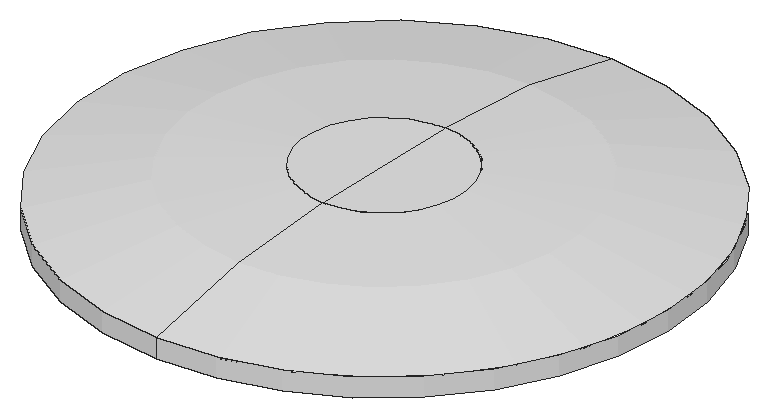
Revit family "Reece_Bath_LAUFEN_pro A_Freestanding Bath_1650 mm", category Plumbing Fixtures, Revit 2018
Family settings
  Round Connector Dimension = Use Diameter
  Part Type = Normal
  Work Plane-Based = Yes
  Always vertical = Yes
  Cut with Voids When Loaded = Yes
  Shared = Yes
  Room Calculation Point = Yes
Parameters
  URL = "https://www.reece.com.au/product/-9510102"
  Type Comments = "Bath"
  Reece_Product_Web Page = "https://www.reece.com.au/product/-9510102"
  Reece_Product_Type = "Bath"  # constant formula
  Reece_Product_Sub Brand = "Pro A"  # constant formula
  Reece_Product_Number = "9510102"
  Reece_Product_Mount = "Floor Mounted"
  Reece_Product_Description = "LAUFEN Pro Freestanding Bath with Overflow 1650x750 White"
  Reece_Product_Brand = "LAUFEN"  # constant formula
  Reece_Overall_Width = 750 mm  # constant formula
  Reece_Overall_Length = 1650 mm  # constant formula
  Reece_Overall_Height = 550 mm  # constant formula
  Reece_Overall_Capacity = 253 mm³  # constant formula
  Reece_Material_Main = Reece_Marbond_Solid_Surface_White
  Reece_Detail_Shape = ""
  Reece_Detail_Installation = ""
  Reece_Detail_Disclaimer = "THIS FILE IS THE PROPERTY OF THE REECE GROUP. IT MAY NOT BE REPRODUCED, REVERSE-ENGINEERED OR MODIFIED. ANY REPUBLICATION, TRANSMISSION OR DISTRIBUTION FOR THE PURPOSE OF COMMERCIALLY EXPLOITING THE FILES IS PROHIBITED."  # constant formula
  Reece_Detail_Connector = ""
  Reece_Detail_Additional = ""
  Reece_Bath_Outlet = 52 mm  # constant formula
  Model = "Pro A"
  Manufacturer = "LAUFEN"
  Keynote = "Product #9510102, Reece_Bath_LAUFEN_pro A_Freestanding Bath_1650 mm -  "
  Disclaimer = "THIS FILE IS THE PROPERTY OF THE REECE GROUP. IT MAY NOT BE REPRODUCED, REVERSE-ENGINEERED OR MODIFIED. ANY REPUBLICATION, TRANSMISSION OR DISTRIBUTION FOR THE PURPOSE OF COMMERCIALLY EXPLOITING THE FILES IS PROHIBITED."  # constant formula
  Description = "LAUFEN Pro Freestanding Bath with Overflow 1650x750 White"
  Default Elevation = 0 mm
Types (2, lengths in mm): name | Keynote
  (no name) | "Product #9510102, Reece_Bath_LAUFEN_pro A_Freestanding Bath_1650 mm -  "
  1650 mm_253 L_Marbond_White | "Product #9510102, Reece_Bath_LAUFEN_pro A_Freestanding Bath_1650 mm - 1650 mm_253 L_Marbond_White"
Reference planes
  plane 1 "Center (Front/Back)": y = 0
  plane 2 "Bottom Host Plane": z = 0
  plane 3 "Center (Left/Right)": x = 0
  plane 4 "left": x = -825
  plane 5 "back": y = 375
  plane 6 "front": y = -375
  plane 7 "right": x = 825
  plane 8: z = 550
  plane 9 "left base": x = -650
  plane 10 "right base": x = 650
  plane 11 "back base": y = 300
  plane 12 "front base": y = -300
  plane 13 "base": z = 100
  plane 14 "crease": z = 175
Forms (mm)
  Revolve 1, solid, material "Reece_Marbond_Solid_Surface_White" <- "Reece_Material_Main"
    sketch origin (0, 0, -39.934) x (0, 1, 0) y (0, 0, 1)
      loop
        line (0, 135) -> (21.611, 135) -> (26.378, 141.809) -> (35, 141.809) -> (35, 144.097)
        arc (35, 144.097) -> (22.322, 146.859) -> (9.38, 147.787) r 90.795
        line (9.38, 147.787) -> (0, 147.787) -> (0, 135)
      axis (0, 147.787) -> (0, 135)
    angle from 0 to 360
Lines and regions (mm)
  symbolic lines, style "PlumbingFixtures"
    curve 1: arc (-350, 300, 100) -> (-650, 0, 100) -> (-350, -300, 100) r 300
    curve 2: line (350, 300, 100) -> (-350, 300, 100)
    curve 3: arc (350, -300, 100) -> (650, 0, 100) -> (350, 300, 100) r 300
    curve 4: line (-350, -300, 100) -> (350, -300, 100)
  model lines, style "Reece_Model_Line"
    curve 5: arc (-413.615, 323.864, 175) -> (-737.479, 0, 175) -> (-413.615, -323.864, 175) r 323.864
    curve 6: line (-413.615, -323.864, 175) -> (413.657, -323.864, 175)
    curve 7: line (413.657, 323.864, 175) -> (-413.615, 323.864, 175)
    curve 8: arc (413.657, -323.864, 175) -> (737.521, 0, 175) -> (413.657, 323.864, 175) r 323.864
Text (mm)
  text "Reece ©" at (3118.559, -1947.492, 2950.761), in view "Reece Preview"
  text "Reece Copyright © 2018, Reece Ltd." at (-1199.464, -510.852, 0), in view "Ref. Level"
Dimensions and locks
  "Reece_Overall_Length": plane 4 "left" to plane 7 "right"
  "Reece_Overall_Width": plane 5 "back" to plane 6 "front"
  equal spacing: plane 6 "front", plane 1 "Center (Front/Back)", plane 5 "back"
  equal spacing: plane 4 "left", plane 3 "Center (Left/Right)", plane 7 "right"
  "Reece_Overall_Height": plane 8 to plane 2 "Bottom Host Plane"
  plane 9 "left base" to plane 10 "right base" = 1300 mm
  plane 4 "left" to plane 3 "Center (Left/Right)" = 825 mm
  plane 11 "back base" to plane 12 "front base" = 600 mm
  plane 5 "back" to plane 1 "Center (Front/Back)" = 375 mm
  plane 8 to plane 13 "base" = 450 mm
  plane 5 "back" to plane 6 "front" = 750 mm
  plane 7 "right" to plane 4 "left" = 1650 mm
Automatic sketch dimensions
  plane 9 "left base" to curve 2 = 300 mm
  curve 2 to plane 10 "right base" = 300 mm
  plane 1 "Center (Front/Back)" to curve 3 = 0 mm
  curve 1 to plane 11 "back base" = 0 mm
  plane 1 "Center (Front/Back)" to curve 8 = 0 mm
  plane 11 "back base" to curve 7 = 23.864 mm
  curve 7 to plane 10 "right base" = 236.343 mm
  plane 9 "left base" to curve 7 = 236.385 mm
  Revolve 1 sketch curve to plane 1 "Center (Front/Back)" = 0 mm  (x2)
  Revolve 1 sketch curve to plane 1 "Center (Front/Back)" = 9.38 mm
  Revolve 1 sketch curve to Revolve 1 sketch curve = 12.231 mm
  Revolve 1 sketch curve to Revolve 1 sketch curve = 4.768 mm
  Revolve 1 sketch curve to Revolve 1 sketch curve = 8.622 mm
  Revolve 1 sketch curve to plane 13 "base" = 82.942 mm
  Revolve 1 sketch curve to plane 13 "base" = 4.934 mm
  Revolve 1 sketch curve to Revolve 1 sketch curve = 6.809 mm
  Revolve 1 sketch curve to Revolve 1 sketch curve = 2.288 mm
  plane 14 "crease" to Revolve 1 sketch curve = 15.066 mm
  Revolve 1 sketch curve to Revolve 1 sketch curve = 30 mm
